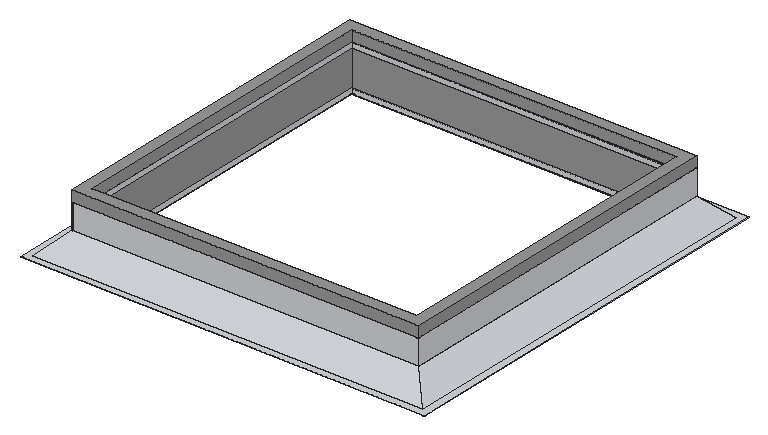
Revit family "UCC-2 (Flat Roof)", category Mechanical Equipment, Revit 2015
Parameters
  X (3" Standard) = 0' - 3"
  URL = "https://unitedenertech.com/catalog/pdf/UCC-2%20submittal%20Model.pdf"
  Type Comments = "Consult Factory for Max. Sizes"
  Model = "UCC-2"
  Manufacturer = "United Enertech Corporation"
  Height (8" Standard) = 0' - 8"
  Description = "Conventional Roof Curb (for Flat Roofs)"
  B Side O.D. = 4' - 0"
  A Side O.D. = 4' - 0"
Reference planes (in)
  plane 1 "Center (Front/Back)": y = 0
  plane 2: z = 0
  plane 3 "Center (Left/Right)": x = 0
  plane 4: x = -24
  plane 5: x = 24
  plane 6: y = 24
  plane 7: y = -24
  plane 8: y = 22.5
  plane 9: x = -22.5
  plane 10: y = -22.5
  plane 11: x = 22.5
  plane 12: z = 8
  plane 13: z = 6.5
  plane 14: z = 3
  plane 15: x = -27
  plane 16: y = -27
  plane 17: x = 27
  plane 18: y = 27
  plane 19: x = -28
  plane 20: y = -28
  plane 21: y = 28
  plane 22: x = 28
  plane 23: z = 6.4522
  plane 24: z = 0.0478
  plane 25: x = -23.9522
  plane 26: x = -22.5478
  plane 27: x = 23.9522
  plane 28: x = 22.5478
  plane 29: z = 5.7022
  plane 30: z = 0.7978
  plane 31: y = 23.9522
  plane 32: y = 22.5478
  plane 33: y = -23.9522
  plane 34: y = -22.5478
Forms (in)
  Extrusion 1, solid, material "Wood (Oak)"
    sketch origin (0, 0, 0) x (1, 0, 0) y (0, 1, 0)
      loop
        line (-24, -24) -> (24, -24) -> (24, 24) -> (-24, 24) -> (-24, -24)
      loop
        line (-22.5, -22.5) -> (22.5, -22.5) -> (22.5, 22.5) -> (-22.5, 22.5) -> (-22.5, -22.5)
    from 6.5 to 8
  Extrusion 2, solid
    sketch origin (0, 0, 0) x (1, 0, 0) y (0, 1, 0)
      loop
        line (-22.5, -22.5) -> (22.5, -22.5) -> (22.5, 22.5) -> (-22.5, 22.5) -> (-22.5, -22.5)
      loop
        line (-28, -28) -> (28, -28) -> (28, 28) -> (-28, 28) -> (-28, -28)
    from 0.0478 to 0
  Extrusion 3, solid
    sketch origin (0, 0, 0) x (1, 0, 0) y (0, 1, 0)
      loop
        line (-22.5478, -22.5478) -> (22.5478, -22.5478) -> (22.5478, 22.5478) -> (-22.5478, 22.5478) -> (-22.5478, -22.5478)
      loop
        line (-22.5, -22.5) -> (22.5, -22.5) -> (22.5, 22.5) -> (-22.5, 22.5) -> (-22.5, -22.5)
    from 0.0478 to 0.7978
  Extrusion 4, solid
    sketch origin (0, 0, 0) x (1, 0, 0) y (0, 1, 0)
      loop
        line (-22.5478, -22.5478) -> (22.5478, -22.5478) -> (22.5478, 22.5478) -> (-22.5478, 22.5478) -> (-22.5478, -22.5478)
      loop
        line (-22.5, -22.5) -> (22.5, -22.5) -> (22.5, 22.5) -> (-22.5, 22.5) -> (-22.5, -22.5)
    from 5.7022 to 6.4522
  Extrusion 5, solid
    sketch origin (0, 0, 0) x (1, 0, 0) y (0, 1, 0)
      loop
        line (-24, -24) -> (24, -24) -> (24, 24) -> (-24, 24) -> (-24, -24)
      loop
        line (-22.5, -22.5) -> (22.5, -22.5) -> (22.5, 22.5) -> (-22.5, 22.5) -> (-22.5, -22.5)
    from 6.4522 to 6.5
  Extrusion 6, solid, material "Rigid insulation"
    sketch origin (0, 0, 0) x (1, 0, 0) y (0, 1, 0)
      loop
        line (-23.9522, -23.9522) -> (23.9522, -23.9522) -> (23.9522, 23.9522) -> (-23.9522, 23.9522) -> (-23.9522, -23.9522)
      loop
        line (-22.5478, -22.5478) -> (22.5478, -22.5478) -> (22.5478, 22.5478) -> (-22.5478, 22.5478) -> (-22.5478, -22.5478)
    from 0.0478 to 6.4522
  Extrusion 7, solid
    sketch origin (0, 0, 0) x (1, 0, 0) y (0, 1, 0)
      loop
        line (-24, -24) -> (24, -24) -> (24, 24) -> (-24, 24) -> (-24, -24)
      loop
        line (-23.9522, -23.9522) -> (23.9522, -23.9522) -> (23.9522, 23.9522) -> (-23.9522, 23.9522) -> (-23.9522, -23.9522)
    from 3 to 6.4522
  Blend 8, solid
    base sketch origin (0, 0, 0) x (1, 0, 0) y (0, 1, 0)
      loop
        line (-23.9522, -23.9522) -> (23.9522, -23.9522) -> (23.9522, 23.9522) -> (-23.9522, 23.9522) -> (-23.9522, -23.9522)
    top sketch origin (0, 0, 0) x (1, 0, 0) y (0, 1, 0)
      loop
        line (-27, -27) -> (27, -27) -> (27, 27) -> (-27, 27) -> (-27, -27)
    from 3 to 0.0478
  Extrusion 9, void
    sketch origin (0, 0, 0) x (1, 0, 0) y (0, 1, 0)
      loop
        line (-23.9522, -23.9522) -> (23.9522, -23.9522) -> (23.9522, 23.9522) -> (-23.9522, 23.9522) -> (-23.9522, -23.9522)
    from -437.07351 to 767.25603
Cuts and joins
  Extrusion 9 cuts Blend 8
Dimensions and locks (in)
  equal spacing: plane 4, plane 3 "Center (Left/Right)", plane 5
  "A Side O.D.": plane 4 to plane 5
  equal spacing: plane 6, plane 1 "Center (Front/Back)", plane 7
  "B Side O.D.": plane 6 to plane 7
  locked: plane 4 to plane 9 at 1.5
  locked: plane 11 to plane 5 at 1.5
  locked: plane 6 to plane 8 at 1.5
  locked: plane 7 to plane 10 at 1.5
  locked: plane 12 to plane 13 at 1.5
  "Height (8" Standard)": plane 12 to level
  "X (3" Standard)": plane 14 to level
  "X (3" Standard)": plane 15 to plane 4
  "X (3" Standard)": plane 5 to plane 17
  "X (3" Standard)": plane 6 to plane 18
  "X (3" Standard)": plane 7 to plane 16
  locked: plane 19 to plane 15 at 1
  locked: plane 17 to plane 22 at 1
  locked: plane 18 to plane 21 at 1
  locked: plane 16 to plane 20 at 1
  locked: plane 24 to level at 0.0478
  locked: plane 13 to plane 23 at 0.0478
  locked: plane 25 to plane 4 at 0.0478
  locked: plane 26 to plane 9 at 0.0478
  locked: plane 28 to plane 11 at 0.0478
  locked: plane 27 to plane 5 at 0.0478
  locked: plane 30 to plane 24 at 0.75
  locked: plane 23 to plane 29 at 0.75
  locked: plane 6 to plane 31 at 0.0478
  locked: plane 32 to plane 8 at 0.0478
  locked: plane 10 to plane 34 at 0.0478
  locked: plane 33 to plane 7 at 0.0478
  aligned and locked: level to plane 2
  aligned and locked: Extrusion 1 sketch curve to plane 4
  aligned and locked: plane 6 to Extrusion 1 sketch curve
  aligned and locked: plane 5 to Extrusion 1 sketch curve
  aligned and locked: Extrusion 1 sketch curve to plane 7
  aligned and locked: plane 10 to Extrusion 1 sketch curve
  aligned and locked: plane 8 to Extrusion 1 sketch curve
  aligned and locked: Extrusion 1 sketch curve to plane 9
  aligned and locked: Extrusion 1 sketch curve to plane 11
  aligned and locked: Extrusion 1 to plane 13
  aligned and locked: plane 12 to Extrusion 1
  aligned and locked: Extrusion 2 sketch curve to plane 19
  aligned and locked: Extrusion 2 sketch curve to plane 21
  aligned and locked: Extrusion 2 sketch curve to plane 22
  aligned and locked: Extrusion 2 sketch curve to plane 20
  aligned and locked: plane 10 to Extrusion 2 sketch curve
  aligned and locked: Extrusion 2 sketch curve to plane 9
  aligned and locked: Extrusion 2 sketch curve to plane 11
  aligned and locked: plane 8 to Extrusion 2 sketch curve
  aligned and locked: Extrusion 2 to plane 24
  aligned and locked: Extrusion 2 to level
  aligned and locked: plane 26 to Extrusion 3 sketch curve
  aligned and locked: Extrusion 3 sketch curve to plane 32
  aligned and locked: Extrusion 3 sketch curve to plane 34
  aligned and locked: plane 28 to Extrusion 3 sketch curve
  aligned and locked: Extrusion 3 sketch curve to plane 11
  aligned and locked: plane 10 to Extrusion 3 sketch curve
  aligned and locked: Extrusion 3 sketch curve to plane 9
  aligned and locked: plane 8 to Extrusion 3 sketch curve
  aligned and locked: Extrusion 3 to plane 24
  aligned and locked: plane 30 to Extrusion 3
  aligned and locked: plane 23 to Extrusion 4
  aligned and locked: Extrusion 4 to plane 29
  aligned and locked: plane 6 to Extrusion 5 sketch curve
  aligned and locked: Extrusion 5 sketch curve to plane 4
  aligned and locked: plane 5 to Extrusion 5 sketch curve
  aligned and locked: Extrusion 5 sketch curve to plane 7
  aligned and locked: plane 10 to Extrusion 5 sketch curve
  aligned and locked: plane 8 to Extrusion 5 sketch curve
  aligned and locked: Extrusion 5 sketch curve to plane 9
  aligned and locked: Extrusion 5 sketch curve to plane 11
  aligned and locked: Extrusion 5 to plane 23
  aligned and locked: plane 13 to Extrusion 5
  aligned and locked: Extrusion 6 sketch curve to plane 25
  aligned and locked: plane 31 to Extrusion 6 sketch curve
  aligned and locked: Extrusion 6 sketch curve to plane 27
  aligned and locked: plane 28 to Extrusion 6 sketch curve
  aligned and locked: plane 33 to Extrusion 6 sketch curve
  aligned and locked: Extrusion 6 sketch curve to plane 34
  aligned and locked: Extrusion 6 sketch curve to plane 32
  aligned and locked: plane 26 to Extrusion 6 sketch curve
  aligned and locked: Extrusion 6 to plane 24
  aligned and locked: plane 23 to Extrusion 6
  aligned and locked: Extrusion 7 sketch curve to plane 4
  aligned and locked: plane 6 to Extrusion 7 sketch curve
  aligned and locked: plane 5 to Extrusion 7 sketch curve
  aligned and locked: Extrusion 7 sketch curve to plane 7
  aligned and locked: plane 33 to Extrusion 7 sketch curve
  aligned and locked: Extrusion 7 sketch curve to plane 25
  aligned and locked: Extrusion 7 sketch curve to plane 27
  aligned and locked: plane 31 to Extrusion 7 sketch curve
  aligned and locked: plane 23 to Extrusion 7
  aligned and locked: Extrusion 7 to plane 14
  aligned and locked: Blend 8 sketch curve to plane 25
  aligned and locked: plane 31 to Blend 8 sketch curve
  aligned and locked: Blend 8 sketch curve to plane 27
  aligned and locked: plane 33 to Blend 8 sketch curve
  aligned and locked: Blend 8 sketch curve to plane 15
  aligned and locked: Blend 8 sketch curve to plane 18
  aligned and locked: Blend 8 sketch curve to plane 17
  aligned and locked: Blend 8 sketch curve to plane 16
  aligned and locked: cut or joined group of Blend 8, Extrusion 9 to plane 24
  aligned and locked: plane 14 to cut or joined group of Blend 8, Extrusion 9
  aligned and locked: Extrusion 9 sketch curve to plane 27
  aligned and locked: plane 31 to Extrusion 9 sketch curve
Automatic sketch dimensions
  Extrusion 4 sketch curve to plane 26 = 0' - 0"
  Extrusion 4 sketch curve to plane 9 = 0' - 0"
  plane 10 to Extrusion 4 sketch curve = 0' - 0"
  Extrusion 4 sketch curve to plane 11 = 0' - 0"
  Extrusion 4 sketch curve to plane 28 = 0' - 0"
  Extrusion 4 sketch curve to plane 34 = 0' - 0"
  Extrusion 4 sketch curve to plane 8 = 0' - 0"
  plane 32 to Extrusion 4 sketch curve = 0' - 0"
  Extrusion 9 sketch curve to plane 25 = 0' - 0"
  plane 33 to Extrusion 9 sketch curve = 0' - 0"
